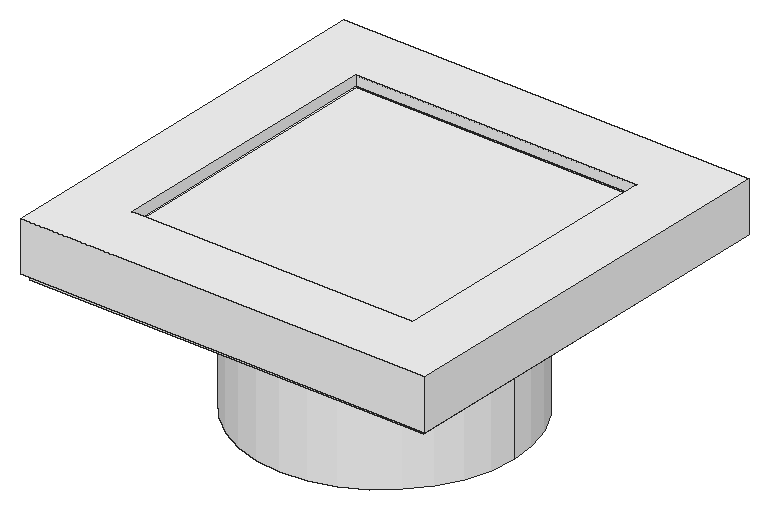
Revit family "Gira_0140005", category Electrical Fixtures, host Face, Revit 2017
Family settings
  Host = Face
  Maintain Annotation Orientation = Yes
  Round Connector Dimension = Use Diameter
  Part Type = Normal
  Cut with Voids When Loaded = No
  Shared = No
  Room Calculation Point = No
Parameters (values of type "Hotel-card btn 2-way m-c (ill.) in.sp. System 55 black m")
  White [instance] = White
  URL = "http://katalog.gira.de/en/datenblatt.html?artikelnr=0140005"
  Transparent = "No"
  Name = "Hotel-card btn 2-way m-c (ill.) in.sp. System 55 black m"
  Model = "Single push button"
  Manufacturer URL = "https://www.gira.de/"
  Manufacturer = "Gira"
  Label space/information surface = "Yes"
  HeinzeBIM = "https://bimportal.heinze.de/bim/hotel-card-btn-2-way-m-c-ill-in-sp-system-55-black-m/52267a61a88fdd05e880348839b71cc643a57596"
  HAN = "0140005"
  GTIN = "4010337037170"
  Description = "Hotel-crd 2-w m-c cbi in.sp. Sys55 BKm,Hotel-card button 10 AX 250 V~ can be illuminated with inscription space,2-way momentary-contact, 1-pole,black matt,Features:,- Applications of the hotel-card button with disassembly safeguard include performing security and energy-saving functions.,- When the hotel card is removed, any devices which are still switched on are deactivated.,- The electric circuit via the push button is only activated when the card has been inserted.,,Notes :,- Further versions are available upon request."
  Default Elevation = 1219.2 mm
  Data sheet (1) = "https://katalog.gira.de/en/download.html?artikelnr=0140005"
  Category = "Push-switch button"
  BIM (1) = "https://media.stage.bim.site/public/gira/36a6b08/Sys55_Komplettgerät_Schalten und Tasten.rfa?public/gira/36a6b08/Sys55_Komplettgerät_Schalten und Tasten.rfa"
  Available = "No"
Reference planes
  plane 1 "Center (Front/Back)": y = 0
  plane 2: z = 0
  plane 3 "Center (Left/Right)": x = 0
Forms (mm)
  Extrusion 1, solid, material "White" <- "White", detail levels medium
    sketch origin (0, 0, 0) x (1, 0, 0) y (0, 1, 0)
      loop
        line (-40.4, 40.4) -> (-40.4, -40.4) -> (40.4, -40.4) -> (40.4, 40.4) -> (-40.4, 40.4)
      loop
        line (-28, 28) -> (-28, -28) -> (28, -28) -> (28, 28) -> (-28, 28)
    from 0 to 10
  Extrusion 2, solid, material "White" <- "White", detail levels fine
    sketch origin (0, 0, 0) x (1, 0, 0) y (0, 1, 0)
      loop
        line (-40.4, 40.4) -> (-40.4, -40.4) -> (40.4, -40.4) -> (40.4, 40.4) -> (-40.4, 40.4)
      loop
        line (-28, 28) -> (-28, -28) -> (28, -28) -> (28, 28) -> (-28, 28)
    from 0 to 10
  Extrusion 3, void
    sketch origin (0, 0, 0) x (1, 0, 0) y (0, 1, 0)
      loop
        line (-38.4, 38.4) -> (-38.4, -38.4) -> (38.4, -38.4) -> (38.4, 38.4) -> (-38.4, 38.4)
    from 0 to 8
  Extrusion 4, solid, material "White" <- "White", detail levels medium+fine
    sketch origin (0, 0, 0) x (1, 0, 0) y (0, 1, 0)
      loop
        line (-39.4, 39.4) -> (-39.4, -39.4) -> (39.4, -39.4) -> (39.4, 39.4) -> (-39.4, 39.4)
    from 0 to -1
  Extrusion 5, solid, material "White" <- "White", detail levels medium+fine
    sketch origin (0, 0, 0) x (1, 0, 0) y (0, 1, 0)
      loop
        line (-35.5, 35.5) -> (-35.5, -35.5) -> (35.5, -35.5) -> (35.5, 35.5) -> (-35.5, 35.5)
    from -2 to -3
  Extrusion 6, solid, material "White" <- "White", detail levels medium+fine
    sketch origin (0, 0, 0) x (1, 0, 0) y (0, 1, 0)
      loop
        circle (0, 0) r 26
    from 0 to -27.5
  Extrusion 7, solid, material "White" <- "White", detail levels coarse
    sketch origin (0, 0, 0) x (1, 0, 0) y (0, 1, 0)
      loop
        line (-40.4, 40.4) -> (-40.4, -40.4) -> (40.4, -40.4) -> (40.4, 40.4) -> (-40.4, 40.4)
    from -27.5 to 10
Cuts and joins
  Extrusion 3 cuts Extrusion 2
Dimensions and locks
  aligned and locked: plane 2 to host face
  aligned and locked: level to host face
  aligned and locked: plane 3 "Center (Left/Right)" to nested 2
  aligned and locked: plane 1 "Center (Front/Back)" to nested 2
Nested families
  nested 1: "Sys55_Abdeckung_Schalten und Tasten_floor_base" at (0, 0, 0), type "Sys55_Abdeckung_Schalten und Tasten_floor_base"
  nested 2: "Schalter" at (0, 0, 0), type "Schalter"
Connectors
  electrical at (0, 0, -27.5)
    settings: on Extrusion 6, index 1, voltage 220 V, apparent load 0 VA, apparent load phase1 0 VA, apparent load phase2 0 VA, apparent load phase3 0 VA, power factor 1, load classification "Other", number of poles 1, system type 30, power factor state 1, is connector primary yes, connector utility no, sub classification motor no, connector description ""
Definition of nested family "Sys55_Abdeckung_Schalten und Tasten_floor_base"
  Parameters
    Default Elevation = 1219.2 mm
    White [instance] = none
  Reference planes
    plane 1 "Center (Front/Back)": y = 0
    plane 2: z = 0
    plane 3 "Center (Left/Right)": x = 0
  Forms (mm)
    Extrusion 1, solid
      sketch origin (0, 0, 0) x (1, 0, 0) y (0, 1, 0)
        loop
          line (-1219.2, 1219.2) -> (-1219.2, -1219.2) -> (1219.2, -1219.2) -> (1219.2, 1219.2) -> (-1219.2, 1219.2)
      from 0 to -304.8
    Extrusion 2, solid, material <- "White", detail levels fine
      sketch origin (0, 0, 0) x (1, 0, 0) y (0, 1, 0)
        loop
          line (-27.5, 27.5) -> (-27.5, -27.5) -> (27.5, -27.5) -> (27.5, 27.5) -> (-27.5, 27.5)
      from 0 to 8
    Extrusion 3, void
      sketch origin (0, 0, 0) x (1, 0, 0) y (0, 1, 0)
        loop
          line (26, 26) -> (-26, 26) -> (-26, -26) -> (26, -26) -> (26, 26)
      from 0 to 6
    Extrusion 4, solid, material <- "White", detail levels medium
      sketch origin (0, 0, 0) x (1, 0, 0) y (0, 1, 0)
        loop
          line (-27.5, 27.5) -> (-27.5, -27.5) -> (27.5, -27.5) -> (27.5, 27.5) -> (-27.5, 27.5)
      from 0 to 8
    Extrusion 5, solid, material <- "White", detail levels medium
      sketch origin (0, 0, 0) x (1, 0, 0) y (0, 1, 0)
        loop
          line (11, -17.5) -> (11, 17.5) -> (-11, 17.5) -> (-11, -17.5) -> (11, -17.5)
      from -6 to 6
    Extrusion 6, solid, material <- "White", detail levels fine
      sketch origin (0, 0, 0) x (1, 0, 0) y (0, 1, 0)
        loop
          line (11, 17.5) -> (-11, 17.5) -> (-11, 16.5) -> (11, 16.5) -> (11, 17.5)
        loop
          line (-11, -16.5) -> (-11, -17.5) -> (11, -17.5) -> (11, -16.5) -> (-11, -16.5)
      from -4 to 6
    Extrusion 7, solid, material <- "White", detail levels fine
      sketch origin (0, 0, 0) x (1, 0, 0) y (0, 1, 0)
        loop
          arc (5, 9.347) -> (0, 10.6) -> (-5, 9.347) r 10.6
          line (-5, 9.347) -> (-5, -9.347)
          arc (-5, -9.347) -> (0, -10.6) -> (5, -9.347) r 10.6
          line (5, -9.347) -> (5, 9.347)
      from -6 to 6
    Extrusion 8, solid, material <- "White", detail levels coarse
      sketch origin (0, 0, 0) x (1, 0, 0) y (0, 1, 0)
        loop
          line (-27.5, 27.5) -> (-27.5, -27.5) -> (27.5, -27.5) -> (27.5, 27.5) -> (-27.5, 27.5)
      from -6 to 8
  Cuts and joins
    Extrusion 3 cuts Extrusion 2
  Dimensions and locks
    aligned and locked: plane 2 to Extrusion 1
    aligned and locked: level to Extrusion 1
Definition of nested family "Schalter"
  Reference planes
    plane 1: y = 0
    plane 2: x = 0
  Lines and regions (mm)
    detail lines
      curve 1: circle (1.375, 2.778, 0) r 0.8 normal (0, 0, 1)
      curve 2: line (1.021, 2.061, 0) -> (0, 0, 0)
      curve 3: line (0, 0, 0) -> (-0.538, 0.266, 0)
  Dimensions and locks
    curve 2 to curve 2 = 2.3 mm
    curve 3 to curve 2 = 0.6 mm
    radius of curve 1 = 0.8 mm
